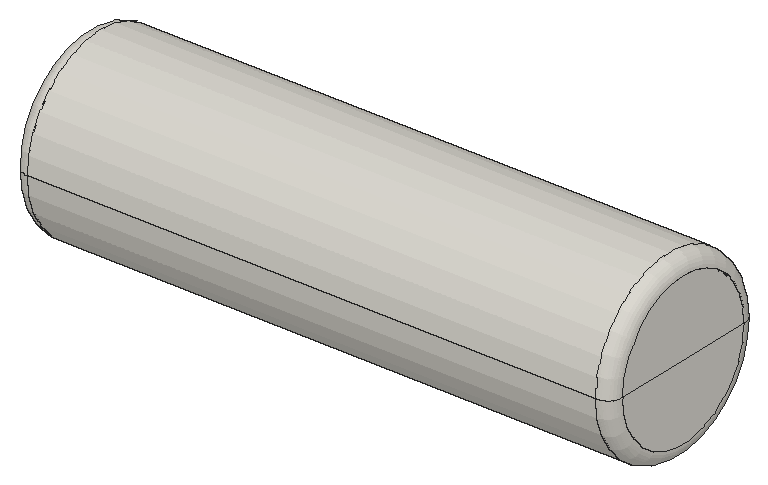
Revit family "Haworth_Kennedee_Cushion_Cylindrical", category Furniture, Revit 2018
Family settings
  OmniClass Number = 23.40.70.14.64.21
  OmniClass Title = Systems Furniture
  Work Plane-Based = No
  Always vertical = No
  Cut with Voids When Loaded = No
  Shared = No
  Room Calculation Point = No
Parameters (values of type "HCPF-KECX")
  Warranty = "http://www.haworth.com/resources/product-info/warranties"
  URL - Product = "https://www.haworth.com/na/en/products/lounge-sofas/ottomans/kennedee.html"
  URL = "http://www.haworth.com/our-brands/haworth-collection"
  Size = "Verify Final Dim. w/ Haworth"  # constant formula
  Revision Number = "4"  # constant formula
  Radius Offset = 1"  # constant formula
  Model = "HCPF-KECX"
  Manufacturer = "Haworth"  # constant formula
  Description = "Haworth Kennedee Cushion Cylindrical"
  Cushion Finish [instance] = Haworth _ Leather _ PF Color System _ Latte 70-004
  Bench Height = 14 1/2"
  Author = "Haworth (Hampton)"  # constant formula
  Assembly Code = "E2020200"
  Actual Width = 19 3/4"  # constant formula
  Actual Height = 6"  # constant formula
  Actual Depth = 6"  # constant formula
Reference planes (in)
  plane 1: z = 0
  plane 2 "Left": x = -0.5
  plane 3 "Bench Back": y = 16.75
  plane 4 "Bench Front": y = 10.75
  plane 5 "Cushion Top": z = 20.5
  plane 6 "Right": x = 19.25
  plane 7 "Base Top": z = 14.5
  plane 8 "Center LR": x = 9.375
  plane 9 "Top Bend": z = 19.5
  plane 10 "Bottom Bend": z = 15.5
  plane 11 "Left Bend": x = 0.5
  plane 12 "Right Bend": x = 18.25
  plane 13: y = 13.75
  plane 14 "Center Height": z = 17.5
Forms (in)
  Revolve 1, solid, material "Haworth _ Leather _ PF Color System _ Latte 70-004" <- "Cushion Finish"
    sketch origin (0, 0, 17.5) x (-1, 0, 0) y (0, -1, 0)
      loop
        arc (0, -16.75) -> (0.35355, -16.60355) -> (0.5, -16.25) r 0.5
        line (0.5, -16.25) -> (0.5, -13.75) -> (-19.25, -13.75) -> (-19.25, -16.25)
        arc (-19.25, -16.25) -> (-19.10355, -16.60355) -> (-18.75, -16.75) r 0.5
        line (-18.75, -16.75) -> (0, -16.75)
      axis (0.5, -13.75) -> (-19.25, -13.75)
    angle from 0 to 360
Lines and regions (in)
  Masking region 1
    outline origin (0, 0, 0) x (1, 0, 0) y (0, 1, 0)
      loop
        arc (0, 16.75) -> (-0.35355, 16.60355) -> (-0.5, 16.25) r 0.5
        line (-0.5, 16.25) -> (-0.5, 11.25)
        arc (-0.5, 11.25) -> (-0.35355, 10.89645) -> (0, 10.75) r 0.5
        line (0, 10.75) -> (18.75, 10.75)
        arc (18.75, 10.75) -> (19.10355, 10.89645) -> (19.25, 11.25) r 0.5
        line (19.25, 11.25) -> (19.25, 16.25)
        arc (19.25, 16.25) -> (19.10355, 16.60355) -> (18.75, 16.75) r 0.5
        line (18.75, 16.75) -> (0, 16.75)
Dimensions and locks (in)
  "Actual Width": plane 2 "Left" to plane 6 "Right"
  "Actual Depth": plane 3 "Bench Back" to plane 4 "Bench Front"
  "Bench Height": plane 7 "Base Top" to level
  equal spacing: plane 2 "Left", plane 8 "Center LR", plane 6 "Right"
  "Actual Height": plane 5 "Cushion Top" to plane 7 "Base Top"
  "Radius Offset": plane 5 "Cushion Top" to plane 9 "Top Bend"
  "Radius Offset": plane 10 "Bottom Bend" to plane 7 "Base Top"
  "Radius Offset": plane 6 "Right" to plane 12 "Right Bend"
  "Radius Offset": plane 11 "Left Bend" to plane 2 "Left"
  equal spacing: plane 3 "Bench Back", plane 13, plane 4 "Bench Front"
  equal spacing: plane 5 "Cushion Top", plane 14 "Center Height", plane 7 "Base Top"
  aligned and locked: Revolve 1 sketch curve to plane 3 "Bench Back"
  aligned and locked: plane 2 "Left" to Revolve 1 sketch curve
  aligned and locked: plane 13 to Revolve 1 sketch curve
  aligned and locked: Revolve 1 sketch curve to plane 6 "Right"
  aligned and locked: Masking region 1 sketch curve to plane 4 "Bench Front"
  aligned and locked: plane 2 "Left" to Masking region 1 sketch curve
  aligned and locked: Masking region 1 sketch curve to plane 3 "Bench Back"
  aligned and locked: Masking region 1 sketch curve to plane 6 "Right"
Automatic sketch dimensions
  Revolve 1 sketch curve to plane 13 = 0"
  plane 6 "Right" to Revolve 1 sketch curve = 5.84361"
  Revolve 1 sketch curve to Revolve 1 sketch curve = 1/2"
  plane 2 "Left" to Revolve 1 sketch curve = 1/2"
  Revolve 1 sketch curve to Revolve 1 sketch curve = 9.47631"
  plane 2 "Left" to Masking region 1 sketch curve = 1/2"  (x2)
  Masking region 1 sketch curve to plane 6 "Right" = 1/2"  (x2)
